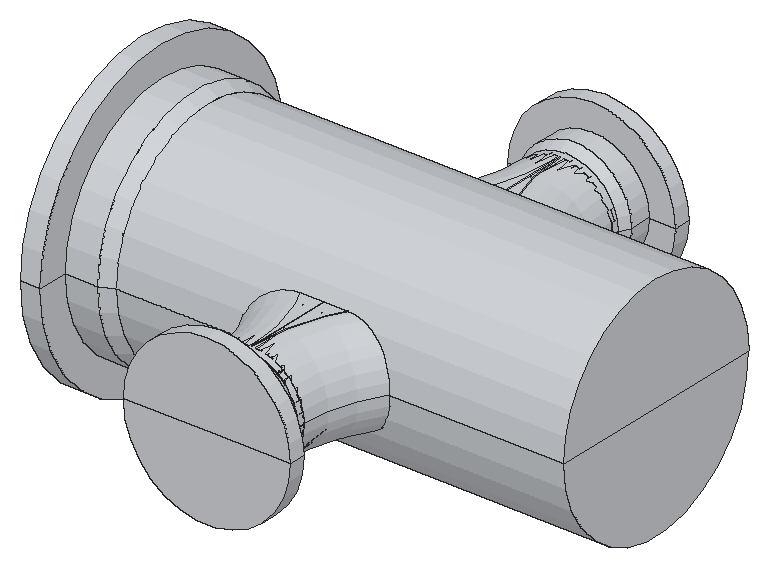
Revit family "56f69fa25ebc4e6e8dcf87112a3d2df8", category Pipe Fittings, Revit 2021
Family settings
  Round Connector Dimension = Use Radius
  Part Type = Cross
  OmniClass Number = 23.60.30.11.14
  OmniClass Title = Pipework Fittings
  Seek Item ID = Tee - PVC - Sch 40-0000-USA-ENU
  Work Plane-Based = No
  Always vertical = Yes
  Cut with Voids When Loaded = No
  Shared = No
Parameters (values of type "Standard")
  Visibility 1 [instance] = and(Angle 1 = 90.00°, Angle 2 = 90.00°)  # yes
  Tick Size 3 [instance] = Fitting Outside Diameter 3 * 0.4  # 2.7600"
  Tick Size 2 [instance] = Fitting Outside Diameter 2 * 0.4  # 2.7600"
  Tick Size 1 [instance] = Fitting Outside Diameter 1 * 0.4  # 6.1200"
  Socket Outside Radius 3 [instance] = Socket Outside Diameter 3 / 2  # 3.8000"
  Socket Outside Radius 2 [instance] = Socket Outside Diameter 2 / 2  # 3.8000"
  Socket Outside Radius 1 [instance] = Socket Outside Diameter 1 / 2  # 8.0950"
  Socket Outside Diameter 3 [instance] = size_lookup(Lookup Table Name, "SOD", 1.08 * Nominal Diameter 3 + 1.1300", Nominal Diameter 3)  # 7.6000"
  Socket Outside Diameter 1 [instance] = size_lookup(Lookup Table Name, "SOD", 1.08 * Nominal Diameter 1 + 1.1300", Nominal Diameter 1)  # 16.1900"
  Socket Outside Diameter 2 [instance] = size_lookup(Lookup Table Name, "SOD", 1.08 * Nominal Diameter 2 + 1.1300", Nominal Diameter 2)  # 7.6000"
  Socket Depth 3 [instance] = if(Nominal Diameter 3 < 14.0000", 2.5000", if(Nominal Diameter 2 < 30.0000", 3.5000", 4.0000"))  # 2.5000"
  Socket Depth 2 [instance] = if(Nominal Diameter 2 < 14.0000", 2.5000", if(Nominal Diameter 2 < 30.0000", 3.5000", 4.0000"))  # 2.5000"
  Socket Depth 1 [instance] = if(Nominal Diameter 1 < 14.0000", 2.5000", if(Nominal Diameter 1 < 30.0000", 3.5000", 4.0000"))  # 3.5000"
  Nominal Radius 3 [instance] = 3.0000"
  Nominal Radius 2 [instance] = 3.0000"
  Nominal Diameter 3 [instance] = Nominal Radius 3 * 2  # 6.0000"
  Nominal Diameter 2 [instance] = Nominal Radius 2 * 2  # 6.0000"
  Min Nominal Diameter 23 [instance] = if(Nominal Diameter 2 < Nominal Diameter 3, Nominal Diameter 2, Nominal Diameter 3)  # 6.0000"
  Min Center to Socket Bottom 23 [instance] = if(Center to Socket Bottom 2 < Center to Socket Bottom 3, Center to Socket Bottom 2, Center to Socket Bottom 3)  # 14.0000"
  Max Nominal Diameter 23 [instance] = if(Nominal Diameter 2 > Nominal Diameter 3, Nominal Diameter 2, Nominal Diameter 3)  # 6.0000"
  Max Gland Width 24 [instance] = if(Gland Width 2 > Gland Width 3, Gland Width 2, Gland Width 3)  # 1.0600"
  Max Bevel Length 23 [instance] = if(Bevel Length 2 > Bevel Length 3, Bevel Length 2, Bevel Length 3)  # 0.7000"
  Lookup Table Name = "Cross Reducing - MJ x PE - GI - Class 150"
  Length 2 [instance] = Socket Depth 3 + Bevel Length 3  # 3.2000"
  Length 1 [instance] = Socket Depth 2 + Bevel Length 2  # 3.2000"
  Fitting Outside Radius 3 [instance] = Fitting Outside Diameter 3 / 2  # 3.4500"
  Fitting Outside Radius 2 [instance] = Fitting Outside Diameter 2 / 2  # 3.4500"
  Fitting Outside Radius 1 [instance] = Fitting Outside Diameter 1 / 2  # 7.6500"
  Fitting Outside Diameter 3 [instance] = size_lookup(Lookup Table Name, "FOD", 1.04 * Nominal Diameter 3 + 0.7000", Nominal Diameter 3)  # 6.9000"
  Fitting Outside Diameter 2 [instance] = size_lookup(Lookup Table Name, "FOD", 1.04 * Nominal Diameter 2 + 0.7000", Nominal Diameter 2)  # 6.9000"
  Fitting Outside Diameter 1 [instance] = size_lookup(Lookup Table Name, "FOD", 1.04 * Nominal Diameter 1 + 0.7000", Nominal Diameter 1)  # 15.3000"
  Nominal Radius 1 [instance] = 7.0000"
  Nominal Diameter 1 [instance] = Nominal Radius 1 * 2  # 14.0000"
  Loss Method = Not Defined
  K Coefficient Table = (empty or 0)
  Default Elevation = 0.0000"
  Bevel Length 3 [instance] = size_lookup(Lookup Table Name, "BvLgt", 0.04 * Nominal Diameter 3 + 0.4300", Nominal Diameter 3)  # 0.7000"
  Bevel Length 2 Label [instance] = if(not(Angle 2 = 90.00°), Center to End 2 Label - Length 1, Bevel Length 2)  # 0.7000"
  Bevel Length 2 [instance] = size_lookup(Lookup Table Name, "BvLgt", 0.04 * Nominal Diameter 2 + 0.4300", Nominal Diameter 2)  # 0.7000"
  Bevel Length 1 [instance] = size_lookup(Lookup Table Name, "BvLgt", 0.04 * Nominal Diameter 1 + 0.4300", Nominal Diameter 1)  # 0.8900"
  Center to Socket Bottom 4 [instance] = size_lookup(Lookup Table Name, "CtSB2", 5.3800" + 0.57 * Nominal Diameter 1 + 0.04 * Nominal Diameter 3, Nominal Diameter 1, Nominal Diameter 3)  # 14.0000"
  Center to Socket Bottom 3 [instance] = size_lookup(Lookup Table Name, "CtSB3", 0.52 * Nominal Diameter 1 + 4.9600", Nominal Diameter 1, Max Nominal Diameter 23)  # 16.6200"
  Center to Socket Bottom 2 [instance] = size_lookup(Lookup Table Name, "CtSB2", 5.3800" + 0.57 * Nominal Diameter 1 + 0.04 * Nominal Diameter 2, Nominal Diameter 1, Nominal Diameter 2)  # 14.0000"
  Center to Socket Bottom 1 [instance] = size_lookup(Lookup Table Name, "CtSB1", 4.1700" + 0.34 * Nominal Diameter 1 + 0.31 * Max Nominal Diameter 23, Nominal Diameter 1, Max Nominal Diameter 23)  # 14.0000"
  Center to End 3 Label [instance] = if((Max Center to End 24 - Max Gland Width 24) * tan(Angle 5 / 2) > Gland Outside Radius 1, Center to Socket Bottom 3, Gland Outside Radius 1 / tan(Angle 5 / 2) + Max Gland Width 24)  # 16.6200"
  Center to End 3 [instance] = Center to Socket Bottom 4 + Socket Depth 3  # 16.5000"
  Max Center to End 24 [instance] = if(Center to End 2 > Center to End 3, Center to End 2, Center to End 3)  # 16.5000"
  Center to End 2 Label [instance] = if((Max Center to End 24 - Max Gland Width 24) * tan(Angle 5 / 2) > Gland Outside Radius 1, Max Center to End 24, Gland Outside Radius 1 / tan(Angle 5 / 2) + Max Gland Width 24)  # 16.5000"
  Center to End 2 [instance] = Center to Socket Bottom 2 + Socket Depth 2  # 16.5000"
  Center to End 1 Label [instance] = if((Max Center to End 24 - Max Gland Width 24) * tan(Angle 5 / 2) > Gland Outside Radius 1, Center to End 1, Gland Outside Radius 1 / tan(Angle 5 / 2) + Max Gland Width 24)  # 17.5000"
  Center to End 1 [instance] = Center to Socket Bottom 1 + Socket Depth 1  # 17.5000"
  Center Radius Label [instance] = if(Min Center to Socket Bottom 23 - Center Radius - Max Bevel Length 23 < 0.5000", Min Center to Socket Bottom 23 - Max Bevel Length 23 - 0.5000", Center Radius)  # 12.8000"
  Center Radius [instance] = size_lookup(Lookup Table Name, "CRad", 4.4800" + 0.3 * Nominal Diameter 1 + 0.33 * Max Nominal Diameter 23, Nominal Diameter 1, Max Nominal Diameter 23)  # 13.1100"
  Gland Width 3 [instance] = size_lookup(Lookup Table Name, "GWid", 0.03 * Nominal Diameter 3 + 0.9400", Nominal Diameter 3)  # 1.0600"
  Gland Width 2 [instance] = size_lookup(Lookup Table Name, "GWid", 0.03 * Nominal Diameter 2 + 0.9400", Nominal Diameter 2)  # 1.0600"
  Gland Width 1 [instance] = size_lookup(Lookup Table Name, "GWid", 0.03 * Nominal Diameter 1 + 0.9400", Nominal Diameter 1)  # 1.3100"
  Gland Outside Radius 3 [instance] = Gland Outside Diameter 3 / 2  # 5.5600"
  Gland Outside Radius 2 [instance] = Gland Outside Diameter 2 / 2  # 5.5600"
  Gland Outside Radius 1 [instance] = Gland Outside Diameter 1 / 2  # 10.1250"
  Gland Outside Diameter 3 [instance] = size_lookup(Lookup Table Name, "GOD", 1.16 * Nominal Diameter 3 + 4.0300", Nominal Diameter 3)  # 11.1200"
  Gland Outside Diameter 2 [instance] = size_lookup(Lookup Table Name, "GOD", 1.16 * Nominal Diameter 2 + 4.0300", Nominal Diameter 2)  # 11.1200"
  Gland Outside Diameter 1 [instance] = size_lookup(Lookup Table Name, "GOD", 1.16 * Nominal Diameter 1 + 4.0300", Nominal Diameter 1)  # 20.2500"
  Angle 5 [instance] = if(tan(Angle 3 / 2) > tan(Angle 4 / 2), Angle 4, Angle 3)  # 90.00°
  Angle 4 [instance] = if(Angle 2 > 90.00°, 180.00° - Angle 2, Angle 2)  # 90.00°
  Angle 3 [instance] = if(Angle 1 > 90.00°, 180.00° - Angle 1, Angle 1)  # 90.00°
  Angle 2 [instance] = 90.00°
  Angle 1 [instance] = 90.00°
Reference planes (in)
  plane 1 "Center (Front/Back)": y = 0
  plane 2: z = 0
  plane 3 "Center (Left/Right)": x = 0
  plane 4: y = -14
  plane 5: y = 10.125
  plane 6: y = 8.095
  plane 7: y = 7.65
  plane 8: x = -17.5
  plane 9: x = -16.19
  plane 10: x = -13.11
  plane 11: x = -14
  plane 12: x = 16.62
  plane 13: y = -13.3
  plane 14: y = -12.8
  plane 15: x = -12.8
  plane 16: x = 12.8
  plane 17: z = 3.45
  plane 18: z = -3.45
  plane 19: y = 6.12
  plane 20: y = -6.12
  plane 21: y = 14
  plane 22: y = 13.3
  plane 23: y = 12.8
  plane 24: y = 6.12
  plane 25: z = 3.45
  plane 26: z = -3.45
Forms (in)
  Revolve 1, solid, detail levels fine
    sketch origin (0, 0, 0) x (1, 0, 0) y (0, 1, 0)
      loop
        line (-17.5, 0) -> (16.62, 0) -> (16.62, 7.65) -> (-13.11, 7.65) -> (-14, 8.095) -> (-16.19, 8.095) -> (-16.19, 10.125) -> (-17.5, 10.125) -> (-17.5, 0)
      axis (-17.5, 0) -> (16.62, 0)
    angle from 0 to 360
  Sweep 2, solid, visible <- "Visibility 1", detail levels fine
    path origin (0, 0, 0) x (1, 0, 0) y (0, 1, 0)
      loop
        arc (-12.8, 0) -> (-3.74903, -3.74903) -> (0, -12.8) r 12.8
        line (0, -12.8) -> (0, -13.3)
    profile origin (0, -12.8, 0) x (1, 0, 0) y (0, 0, 1)
      loop
        circle (0, 0) r 3.45
  Sweep 3, solid, visible <- "Visibility 1", detail levels fine
    path origin (0, 0, 0) x (-1, 0, 0) y (0, 1, 0)
      loop
        arc (-12.8, 0) -> (-3.74903, -3.74903) -> (0, -12.8) r 12.8
        line (0, -12.8) -> (0, -13.3)
    profile origin (0, -12.8, 0) x (1, 0, 0) y (0, 0, 1)
      loop
        circle (0, 0) r 3.45
  Extrusion 4, solid, visible <- "Visibility 1", detail levels fine
    sketch origin (0, 0, 0) x (1, 0, 0) y (0, 1, 0)
      loop
        arc (0, -12.8) -> (3.74903, -3.74903) -> (12.8, 0) r 12.8
        line (12.8, 0) -> (-12.8, 0)
        arc (-12.8, 0) -> (-3.74903, -3.74903) -> (0, -12.8) r 12.8
    from -3.45 to 3.45
  Sweep 5, solid, visible <- "Visibility 1", detail levels fine
    path origin (0, 0, 0) x (-1, 0, 0) y (0, -1, 0)
      loop
        arc (-12.8, 0) -> (-3.74903, -3.74903) -> (0, -12.8) r 12.8
        line (0, -12.8) -> (0, -13.3)
    profile origin (0, 12.8, 0) x (-1, 0, 0) y (0, 0, 1)
      loop
        circle (0, 0) r 3.45
  Extrusion 6, solid, visible <- "Visibility 1", detail levels fine
    sketch origin (0, 0, 0) x (1, 0, 0) y (0, 1, 0)
      loop
        arc (0, 12.8) -> (-3.74903, 3.74903) -> (-12.8, 0) r 12.8
        line (-12.8, 0) -> (12.8, 0)
        arc (12.8, 0) -> (3.74903, 3.74903) -> (0, 12.8) r 12.8
    from -3.45 to 3.45
  Sweep 7, solid, visible <- "Visibility 1", detail levels fine
    path origin (0, 0, 0) x (1, 0, 0) y (0, -1, 0)
      loop
        arc (-12.8, 0) -> (-3.74903, -3.74903) -> (0, -12.8) r 12.8
        line (0, -12.8) -> (0, -13.3)
    profile origin (0, 12.8, 0) x (-1, 0, 0) y (0, 0, 1)
      loop
        circle (0, 0) r 3.45
  Revolve 8, solid, detail levels fine
    sketch origin (0, 0, 0) x (0, -1, 0) y (1, 0, 0)
      loop
        line (16.5, 0) -> (0, 0) -> (0, -3.45) -> (13.3, -3.45) -> (14, -3.8) -> (15.44, -3.8) -> (15.44, -5.56) -> (16.5, -5.56) -> (16.5, 0)
      axis (0, 0) -> (16.5, 0)
    angle from 0 to 360
  Revolve 9, solid, detail levels fine
    sketch origin (0, 0, 0) x (0, 1, 0) y (-1, 0, 0)
      loop
        line (16.5, 0) -> (16.5, 5.56) -> (15.44, 5.56) -> (15.44, 3.8) -> (14, 3.8) -> (13.3, 3.45) -> (0, 3.45) -> (0, 0) -> (16.5, 0)
      axis (0, 0) -> (16.5, 0)
    angle from 0 to 360
Lines and regions (in)
  model lines, detail levels coarse+medium
    curve 1: line (-17.5, 6.12, 0) -> (-17.5, -6.12, 0)
    curve 2: line (16.62, 6.12, 0) -> (16.62, -6.12, 0)
    curve 6: line (-2.76, -16.5, 0) -> (2.76, -16.5, 0)
    curve 8: line (-2.76, 16.5, 0) -> (2.76, 16.5, 0)
  model lines, style "PipeFitting", detail levels coarse+medium
    curve 3: line (-17.5, 0, 0) -> (16.62, 0, 0)
    curve 7: line (0, 0, 0) -> (0, -16.5, 0)
    curve 9: line (0, 0, 0) -> (0, 16.5, 0)
  reference lines, not visible
    curve 4: line (0, 0, 0) -> (0, -16.5, 0)
    curve 5: line (0, 0, 0) -> (0, 16.5, 0)
Dimensions and locks (in)
  "Center to Socket Bottom 2": plane 4 to plane 1 "Center (Front/Back)"
  "Fitting Outside Radius 1": plane 7 to plane 1 "Center (Front/Back)"
  "Socket Outside Radius 1": plane 6 to plane 1 "Center (Front/Back)"
  "Gland Outside Radius 1": plane 5 to plane 1 "Center (Front/Back)"
  "Gland Width 1": plane 8 to plane 9
  "Socket Depth 1": plane 8 to plane 11
  "Bevel Length 1": plane 11 to plane 10
  "Bevel Length 2": plane 13 to plane 4
  "Center Radius Label": plane 1 "Center (Front/Back)" to plane 14
  "Center Radius Label": plane 15 to plane 3 "Center (Left/Right)"
  "Center Radius Label": plane 3 "Center (Left/Right)" to plane 16
  "Fitting Outside Radius 2": plane 17 to plane 2
  "Fitting Outside Radius 2": plane 18 to level
  "Tick Size 1": plane 1 "Center (Front/Back)" to plane 20
  "Tick Size 1": plane 19 to plane 1 "Center (Front/Back)"
  "Center to Socket Bottom 4": plane 21 to plane 1 "Center (Front/Back)"
  "Bevel Length 3": plane 22 to plane 21
  "Center Radius Label": plane 1 "Center (Front/Back)" to plane 23
  "Tick Size 1": plane 1 "Center (Front/Back)" to plane 24
  "Fitting Outside Radius 3": plane 2 to plane 26
  "Fitting Outside Radius 3": plane 25 to plane 2
  "Center to End 1 Label": plane 8 to plane 3 "Center (Left/Right)"
  "Center to End 3 Label": plane 3 "Center (Left/Right)" to plane 12
  "Center to End 2 Label": curve 4 to curve 4
  "Center to End 2 Label": curve 5 to curve 5
  "Tick Size 2": curve 6 to curve 4
  "Tick Size 2": curve 4 to curve 6
  "Center to End 2 Label": curve 7 to curve 7
  "Center to End 2 Label": Revolve 8 sketch curve to Revolve 8 sketch curve
  "Gland Outside Radius 2": Revolve 8 sketch curve to Revolve 8 sketch curve
  "Socket Outside Radius 2": Revolve 8 sketch curve to Revolve 8 sketch curve
  "Gland Width 2": Revolve 8 sketch curve to Revolve 8 sketch curve
  "Socket Depth 2": Revolve 8 sketch curve to Revolve 8 sketch curve
  "Fitting Outside Radius 2": Revolve 8 sketch curve to Revolve 8 sketch curve
  "Length 1": Revolve 8 sketch curve to Revolve 8 sketch curve
  "Tick Size 3": curve 8 to curve 5
  "Tick Size 3": curve 5 to curve 8
  "Center to End 2 Label": curve 9 to curve 9
  "Center to End 2 Label": Revolve 9 sketch curve to Revolve 9 sketch curve
  "Socket Outside Radius 3": Revolve 9 sketch curve to Revolve 9 sketch curve
  "Gland Outside Radius 3": Revolve 9 sketch curve to Revolve 9 sketch curve
  "Fitting Outside Radius 3": Revolve 9 sketch curve to Revolve 9 sketch curve
  "Gland Width 3": Revolve 9 sketch curve to Revolve 9 sketch curve
  "Socket Depth 3": Revolve 9 sketch curve to Revolve 9 sketch curve
  "Length 2": Revolve 9 sketch curve to Revolve 9 sketch curve
  "Center Radius Label": radius of Sweep 2 sketch curve
  "Fitting Outside Radius 2": radius of Sweep 2 sketch curve
  "Center Radius Label": radius of Sweep 3 sketch curve
  "Fitting Outside Radius 2": radius of Sweep 3 sketch curve
  "Center Radius Label": radius of Extrusion 4 sketch curve  (x2)
  "Center Radius Label": radius of Sweep 5 sketch curve
  "Fitting Outside Radius 3": radius of Sweep 5 sketch curve
  "Center Radius Label": radius of Extrusion 6 sketch curve  (x2)
  "Center Radius Label": radius of Sweep 7 sketch curve
  "Fitting Outside Radius 3": radius of Sweep 7 sketch curve
  "Angle 1": angle curve 4 to plane 1 "Center (Front/Back)"
  "Angle 2": angle plane 1 "Center (Front/Back)" to curve 5
  locked: curve 4 to curve 6 (angle 90.00°)
  "Angle 1": angle curve 7 to plane 1 "Center (Front/Back)"
  "Angle 1": angle Revolve 8 sketch curve to plane 1 "Center (Front/Back)"
  locked: curve 5 to curve 8 (angle 90.00°)
  "Angle 2": angle plane 1 "Center (Front/Back)" to curve 9
  "Angle 2": angle plane 1 "Center (Front/Back)" to Revolve 9 sketch curve
  aligned and locked: plane 1 "Center (Front/Back)" to Revolve 1 sketch curve
  aligned and locked: plane 8 to Revolve 1 sketch curve
  aligned and locked: Revolve 1 sketch curve to plane 5
  aligned and locked: Revolve 1 sketch curve to plane 7
  aligned and locked: Revolve 1 sketch curve to plane 6
  aligned and locked: Revolve 1 sketch curve to plane 12
  aligned and locked: Revolve 1 sketch curve to plane 9
  aligned and locked: Revolve 1 sketch curve to Revolve 1 sketch curve
  aligned and locked: plane 11 to Revolve 1 sketch curve
  aligned and locked: plane 10 to Revolve 1 sketch curve
  aligned and locked: plane 14 to Sweep 2 sketch curve
  aligned and locked: plane 15 to Sweep 2 sketch curve
  aligned and locked: plane 16 to Sweep 3 sketch curve
  aligned and locked: plane 14 to Sweep 3 sketch curve
  aligned and locked: plane 15 to Extrusion 4 sketch curve  (x2)
  aligned and locked: plane 14 to Extrusion 4 sketch curve  (x3)
  aligned and locked: plane 16 to Extrusion 4 sketch curve  (x2)
  aligned and locked: plane 1 "Center (Front/Back)" to Extrusion 4 sketch curve
  aligned and locked: plane 18 to Extrusion 4
  aligned and locked: plane 17 to Extrusion 4
  aligned and locked: plane 20 to curve 2
  aligned and locked: plane 19 to curve 2
  aligned and locked: curve 2 to plane 12
  aligned and locked: plane 20 to curve 1
  aligned and locked: plane 19 to curve 1
  aligned and locked: curve 1 to plane 8
  aligned and locked: plane 1 "Center (Front/Back)" to curve 3
  aligned and locked: plane 8 to curve 3
  aligned and locked: plane 12 to curve 3
  aligned and locked: plane 26 to Extrusion 6
  aligned and locked: plane 25 to Extrusion 6
  aligned and locked: plane 13 to Sweep 2 sketch curve
  aligned and locked: plane 3 "Center (Left/Right)" to curve 5
  aligned and locked: plane 1 "Center (Front/Back)" to curve 5
  aligned and locked: curve 6 to curve 4
  aligned and locked: plane 3 "Center (Left/Right)" to curve 7
  aligned and locked: plane 1 "Center (Front/Back)" to curve 7
  aligned and locked: plane 3 "Center (Left/Right)" to Revolve 8 sketch curve
  aligned and locked: plane 1 "Center (Front/Back)" to Revolve 8 sketch curve
  aligned and locked: Revolve 8 sketch curve to Revolve 8 sketch curve  (x3)
  aligned and locked: curve 8 to curve 5
  aligned and locked: plane 3 "Center (Left/Right)" to curve 9
  aligned and locked: plane 3 "Center (Left/Right)" to Revolve 9 sketch curve
  aligned and locked: plane 1 "Center (Front/Back)" to Revolve 9 sketch curve
  aligned and locked: Revolve 9 sketch curve to Revolve 9 sketch curve  (x3)
  aligned and locked: plane 13 to Sweep 3 sketch curve
  aligned and locked: plane 15 to Sweep 7 sketch curve
  aligned and locked: plane 22 to Sweep 7 sketch curve
  aligned and locked: plane 22 to Sweep 5 sketch curve
Automatic sketch dimensions
  Revolve 1 sketch curve to plane 8 = 1.01143"
  Revolve 1 sketch curve to plane 12 = 1.76143"
  Sweep 2 sketch curve to level = 0.0000"
  profile plane to Sweep 2 sketch curve = 0.0000"
  Sweep 3 sketch curve to level = 0.0000"
  profile plane to Sweep 3 sketch curve = 0.0000"
  Sweep 5 sketch curve to level = 0.0000"
  Sweep 5 sketch curve to profile plane = 0.0000"
  plane 1 "Center (Front/Back)" to Extrusion 6 sketch curve = 0.0000"
  Extrusion 6 sketch curve to plane 15 = 0.0000"
  Extrusion 6 sketch curve to plane 3 "Center (Left/Right)" = 0.0000"
  Sweep 7 sketch curve to level = 0.0000"
  Sweep 7 sketch curve to profile plane = 0.0000"
  plane 23 to Sweep 7 sketch curve = 0.0000"
  plane 1 "Center (Front/Back)" to Sweep 5 sketch curve = 0.0000"
  Sweep 5 sketch curve to plane 16 = 0.0000"
Connectors (in)
  piping at (-17.5, 0, 0), diameter 14, driven by "Nominal Radius 1"
    settings: on Revolve 1, index 1, connector inside diameter 14.0000", connector length 0.0000", flow factor 0, pipe flow 0 GPM, pressure drop 0.00 psi, fitting loss kfactor 0, connector angle 0.00°, fixture units 0, engagement length 0.0000", angle of deflection 0.00°, flow configuration 0, flow direction 0, fitting loss method 0, system type 28, joint type 0, gender type 0, connector reference index 2, connector utility 0, adjustable connector no, is connector primary yes, connector description ""
  piping at (16.62, 0, 0), diameter 14, driven by "Nominal Radius 1"
    settings: on Revolve 1, index 2, connector inside diameter 14.0000", connector length 0.0000", flow factor 0, pipe flow 0 GPM, pressure drop 0.00 psi, fitting loss kfactor 0, connector angle 0.00°, fixture units 0, engagement length 0.0000", angle of deflection 0.00°, flow configuration 0, flow direction 0, fitting loss method 0, system type 28, joint type 0, gender type 0, connector reference index 1, connector utility 0, adjustable connector no, is connector primary no, connector description ""
  piping at (0, -16.5, 0), diameter 6, driven by "Nominal Radius 2", driven by "Angle 1"
    settings: on Revolve 8, index 3, connector inside diameter 6.0000", connector length 0.0000", flow factor 0, pipe flow 0 GPM, pressure drop 0.00 psi, fitting loss kfactor 0, connector angle 90.00°, fixture units 0, engagement length 0.0000", angle of deflection 0.00°, flow configuration 0, flow direction 0, fitting loss method 0, system type 28, joint type 0, gender type 0, connector reference index 4, connector utility 0, adjustable connector no, is connector primary no, connector description ""
  piping at (0, 16.5, 0), diameter 6, driven by "Nominal Radius 3", driven by "Angle 2"
    settings: on Revolve 9, index 4, connector inside diameter 6.0000", connector length 0.0000", flow factor 0, pipe flow 0 GPM, pressure drop 0.00 psi, fitting loss kfactor 0, connector angle 90.00°, fixture units 0, engagement length 0.0000", angle of deflection 0.00°, flow configuration 0, flow direction 0, fitting loss method 0, system type 28, joint type 0, gender type 0, connector reference index 3, connector utility 0, adjustable connector no, is connector primary no, connector description ""
